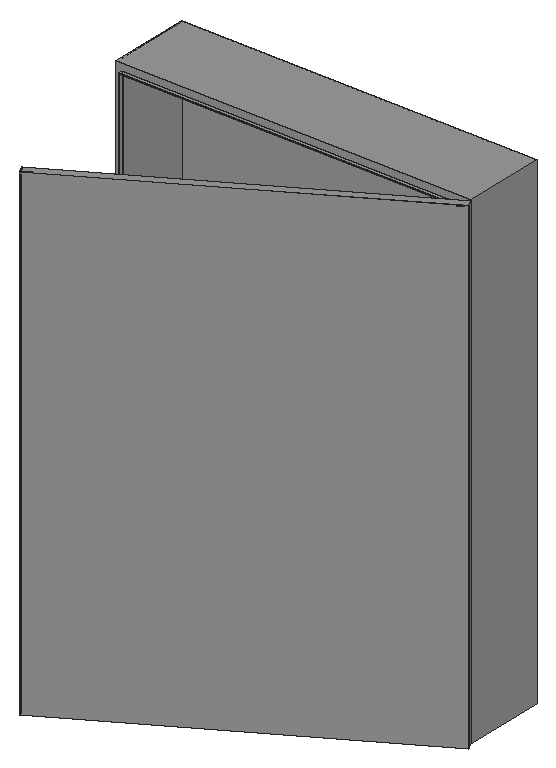
Revit family "Hager-Univers-IP44-D205-H1100-Cl.II-Encl-NoHosted-PL-en", category Equipement électrique, Revit 2020
Family settings
  Configuration du panneau = Deux colonnes, circuits au sein
  Cote de connecteur circulaire = Utiliser le diamètre
  Type d'élément = Tableau de raccordement
  Basée sur le plan de construction = Oui
  Toujours verticalement = Oui
  Couper avec des vides une fois chargée = Non
  Partagée = Non
  Point de calcul de pièce = Non
Parameters (values of type "Surface mounted (plaster) IP44 W800 H1100 D205  - FP73SN2")
  Width Control [instance] = if([EF000008 - Width] > Min Width, [EF000008 - Width], Min Width)  # 800 mm
  Commentaires du type = [HG000003 - Range]  # "Univers"
  Thickness Door [instance] = if([EF009171 - Material plate thickness door/cover] > 3 mm, 3 mm, [EF009171 - Material plate thickness door/cover])  # 1 mm
  Seal Frame Offset [instance] = 17 mm  # constant formula
  Plinth Visibility [instance] = [HG000027 - Plinth height] > 0 mm  # no
  Min Width [instance] = 100 mm  # constant formula
  Min Depth [instance] = (2 * [EF009170 - Material plate thickness cabinet]) + 1 mm  # 3 mm
  Min Height [instance] = 100 mm  # constant formula
  Internal Frame Depth [instance] = (Door System Depth * 0.5)  # 9 mm
  Panel Name [instance] = ""  # (empty or 0)
  Model = ""
  HG000027 - Plinth height = 0 mm
  HG000026 - Floor standing = no
  HG000024 - Bottom section height = 600 mm
  HG000023 - Double section enclosure = no
  HG000016 - Door 3d visibility [instance] = yes
  HG000015 - Clearance visibility [instance] = no
  HG000014 - Door on the right [instance] = yes
  HG000013 - Door on the left [instance] = not([HG000014 - Door on the right])  # no
  HG000012 - Door swing angle [instance] = 30.00°
  HG000010 - Asymmetric doors = no
  HG000009 - Double swing door = no
  HG000006 - Flush mounted = no
  HG000004 - Manufacturer reference = "FP73SN2"
  HG000003 - Range = "Univers"
  HG000002 - With door or cover = yes
  Frame Offset Bottom [instance] = 10 mm  # constant formula
  Frame Offset [instance] = 15 mm  # constant formula
  EF015940 - Cover with overpressure release = no
  EF011959 - Degree of protection (NEMA) = ""
  EF009554 - Number of openings for flange plates = 6
  EF009212 - Cover model = "EV000116 - Closed"
  EF009171 - Material plate thickness door/cover = 1 mm
  EF009170 - Material plate thickness cabinet = 1 mm
  EF008873 - Nominal current (In) = 250 A
  EF007800 - Suitable for lightning protection = no
  EF006306 - With lock = no
  EF006244 - Transparent cover/door = no
  EF005474 - Degree of protection (IP) = "EV006418 - IP44"
  EF004464 - Type of door = "EV002646 - Single"
  EF004427 - Number of modules = 252
  EF004293 - Impact strength = "EV006815 - IK09"
  EF003532 - Suitable for outdoor use = no
  EF002950 - Width in number of modular spacings = 36
  EF001613 - Circuit integrity = "EV000494 - None"
  EF001596 - Material housing = "EV000179 - Steel"
  EF001131 - Internal depth = 143 mm
  EF001088 - Extension possible = yes
  EF000437 - Number of conduit inlets = 6
  EF000339 - Type of cover = "EV001012 - Cover"
  EF000266 - Number of rows = 7
  EF000218 - Built-in depth = 205 mm
  EF000118 - With mounting plate = no
  EF000116 - RAL-number = "9010"
  EF000049 - Depth = 205 mm
  EF000040 - Height = 1100 mm
  EF000008 - Width = 800 mm
  EF000007 - Colour = "EV000202 - White"
  EF000003 - Mounting method = "EV000384 - Surface mounted (plaster)"
  Door System Leaf Tolerance [instance] = 1.5 mm  # constant formula
  Door System Depth [instance] = 18 mm  # constant formula
  Door Height [instance] = Height Control - [HG000027 - Plinth height]  # 1100 mm
  Description = ""
  Default Elevation = 1219.2 mm
  Connector Offset [instance] = Height Control / 2  # 550 mm
  Fabricant = "Hager"  # constant formula
  Height Control [instance] = if([EF000040 - Height] > Min Height, [EF000040 - Height], Min Height)  # 1100 mm
  Depth Control [instance] = if([EF000049 - Depth] > Min Depth, [EF000049 - Depth], Min Depth)  # 205 mm
  Bottom Top Plate Trim [instance] = 1.5 mm  # constant formula
  Plinth height Ctrl [instance] = if([HG000027 - Plinth height] > 0 mm, [HG000027 - Plinth height], 12 mm)  # 12 mm
Types (5, lengths in mm): name | Width Control | HG000010 - Asymmetric doors | HG000009 - Double swing door | HG000004 - Manufacturer reference | EF009554 - Number of openings for flange plates | EF004464 - Type of door | EF004427 - Number of modules | EF002950 - Width in number of modular spacings | EF000437 - Number of conduit inlets | EF000008 - Width
  Surface mounted (plaster) IP44 W1050 H1100 D205  - FP74SN2 | 1050 | no | yes | "FP74SN2" | 8 | "EV003602 - Double" | 336 | 48 | 8 | 1050
  Surface mounted (plaster) IP44 W1300 H1100 D205  - FP75SN2 | 1300 | yes | yes | "FP75SN2" | 10 | "EV003602 - Double" | 420 | 60 | 10 | 1300
  Surface mounted (plaster) IP44 W300 H1100 D205  - FP71SN2 | 300 | no | no | "FP71SN2" | 2 | "EV002646 - Single" | 84 | 12 | 2 | 300
  Surface mounted (plaster) IP44 W550 H1100 D205  - FP72SN2 | 550 | no | no | "FP72SN2" | 4 | "EV002646 - Single" | 168 | 24 | 4 | 550
  Surface mounted (plaster) IP44 W800 H1100 D205  - FP73SN2 | 800 | no | no | "FP73SN2" | 6 | "EV002646 - Single" | 252 | 36 | 6 | 800
Reference planes
  plane 1 "Center (Front/Back)": y = 0
  plane 2: z = 0
  plane 3 "Center (Left/Right)": x = 0
  plane 4: y = 0
  plane 5: y = 0
  plane 6: z = 0
  plane 7: x = -400
  plane 8: x = 400
  plane 9: x = 399
  plane 10: x = -399
  plane 11: z = 0
  plane 12: z = 1
  plane 13: y = -205
  plane 14: y = -1
  plane 15: x = 0
  plane 16: y = -187
  plane 17: y = -204
  plane 18: y = -186
  plane 19: x = -384
  plane 20: x = 384
  plane 21: z = 11
  plane 22: x = -383
  plane 23: x = 383
  plane 24: z = 0
  plane 25: z = 1100
  plane 26: z = 1100
  plane 27: z = 1084
  plane 28: z = 1099
Forms (mm)
  Extrusion 1, solid, material "Hager_Steel_RAL7035_Light_Grey", detail levels medium+fine
    sketch origin (-208.679, -4572, 0) x (-1, 0, 0) y (0, -1, 0)
      loop
        line (191.321, -4385) -> (-608.679, -4385) -> (-608.679, -4572) -> (191.321, -4572) -> (191.321, -4385)
    from 0 to 1100
  Extrusion 2, void
    sketch origin (-350.771, -205, 1219.2) x (1, 0, 0) y (0, 0, 1)
      loop
        line (-48.229, -120.2) -> (-48.229, -1218.2) -> (749.771, -1218.2) -> (749.771, -120.2) -> (-48.229, -120.2)
    from -19 to -204
  Extrusion 3, void
    sketch origin (-290.084, -187, 1219.2) x (1, 0, 0) y (0, 0, 1)
      loop
        line (-93.916, -1208.2) -> (674.084, -1208.2) -> (674.084, -135.2) -> (-93.916, -135.2) -> (-93.916, -1208.2)
    from 0 to -1
  Extrusion 4, solid, material "Hager_Steel_RAL7035_Light_Grey", visible <- "Plinth Visibility", detail levels medium+fine
    sketch origin (0, 0, 0) x (1, 0, 0) y (0, 1, 0)
      loop
        line (-400, 0) -> (-400, -187) -> (400, -187) -> (400, 0) -> (-400, 0)
    from 0 to 12 <- "Plinth height Ctrl"
  Extrusion 5, solid, material "Hager_Steel_RAL7035_Light_Grey", detail levels coarse
    sketch origin (0, 0, 0) x (1, 0, 0) y (0, 1, 0)
      loop
        line (-400, 0) -> (-400, -205) -> (400, -205) -> (400, 0) -> (-400, 0)
    from 0 to 1100 <- "Height Control"
  Sweep 6, void
    path in 3D
      loop
        line (-400, -187, 12) -> (400, -187, 12) -> (400, 0, 12) -> (-400, 0, 12) -> (-400, -187, 12)
    profile origin (-400, -93.5, 12) x (1, 0, 0) y (0, 0, 1)
      loop
        line (0, 0) -> (0, -1.5) -> (1.5, -1.5)
        arc (1.5, -1.5) -> (1.061, -0.439) -> (0, 0) r 1.5
  Extrusion 7, solid, material "Hager_Steel_RAL7035_Light_Grey", detail levels fine
    sketch origin (-400, -187, 0) x (1, 0, 0) y (0, 0, 1)
      loop
        line (16, 11) -> (784, 11) -> (784, 1084) -> (16, 1084) -> (16, 11)
      loop
        line (15, 10) -> (785, 10) -> (785, 1085) -> (15, 1085) -> (15, 10)
    from 0 to 9 <- "Internal Frame Depth"
Cuts and joins
  Extrusion 2, Extrusion 3 cuts Extrusion 1
  Sweep 6 cuts Extrusion 4
Lines and regions (mm)
  Masking region 1
    outline origin (0, 0, 0) x (1, 0, 0) y (0, 1, 0)
      loop
        line (-400, 0) -> (-400, -205) -> (400, -205) -> (400, 0) -> (-400, 0)
  Masking region 2, detail levels coarse
    outline origin (-290.084, -187, 1219.2) x (-1, 0, 0) y (0, 0, 1)
      loop
        line (-690.084, -1219.2) -> (109.916, -1219.2) -> (109.916, -119.2) -> (-690.084, -119.2) -> (-690.084, -1219.2)
  Masking region 3, detail levels coarse
    outline origin (0, 0, 0) x (0, 1, 0) y (0, 0, 1)
      loop
        line (0, 0) -> (0, 1100) -> (-205, 1100) -> (-205, 0) -> (0, 0)
  Masking region 4, visible <- "Plinth Visibility", detail levels medium+fine
    outline origin (0, 0, 0) x (0, 1, 0) y (0, 0, 1)
      loop
        line (-1.5, 12) -> (-185.5, 12)
        arc (-185.5, 12) -> (-185.939, 10.939) -> (-187, 10.5) r 1.5
        line (-187, 10.5) -> (-187, 0) -> (0, 0) -> (0, 10.5)
        arc (0, 10.5) -> (-1.061, 10.939) -> (-1.5, 12) r 1.5
  Masking region 5, detail levels medium+fine
    outline origin (0, 0, 594.038) x (0, 1, 0) y (0, 0, 1)
      loop
        line (0, -594.038) -> (0, 505.962) -> (-187, 505.962) -> (-187, -594.038) -> (0, -594.038)
  Masking region 6, detail levels medium+fine
    outline origin (-359.7, -187, 1211.883) x (-1, 0, 0) y (0, 0, 1)
      loop
        line (-759.7, -1211.883) -> (40.3, -1211.883) -> (40.3, -111.883) -> (-759.7, -111.883) -> (-759.7, -1211.883)
  Masking region 7, visible <- "Plinth Visibility", detail levels medium+fine
    outline origin (-320.334, -187, 1041.368) x (-1, 0, 0) y (0, 0, 1)
      loop
        line (-720.334, -1041.368) -> (79.666, -1041.368) -> (79.666, -1030.868)
        arc (79.666, -1030.868) -> (78.606, -1030.429) -> (78.166, -1029.368) r 1.5
        line (78.166, -1029.368) -> (-718.834, -1029.368)
        arc (-718.834, -1029.368) -> (-719.273, -1030.429) -> (-720.334, -1030.868) r 1.5
        line (-720.334, -1030.868) -> (-720.334, -1041.368)
  sketch lines
    curve 1: line (-400, 0, 12) -> (-400, -187, 12)
    curve 2: line (-400, -187, 12) -> (400, -187, 12)
    curve 3: line (400, 0, 12) -> (-400, 0, 12)
    curve 4: line (400, -187, 12) -> (400, 0, 12)
Dimensions and locks
  locked: plane 1 "Center (Front/Back)" to plane 5
  "EF009170 - Material plate thickness cabinet": plane 7 to plane 10
  "EF009170 - Material plate thickness cabinet": plane 8 to plane 9
  equal spacing: plane 7, plane 3 "Center (Left/Right)", plane 8
  "Width Control": plane 7 to plane 8
  "Depth Control": plane 4 to plane 13
  "EF009170 - Material plate thickness cabinet": plane 4 to plane 14
  "Height Control": plane 25 to level
  "HG000027 - Plinth height": plane 11 to level
  "EF009170 - Material plate thickness cabinet": plane 12 to plane 11
  "EF009170 - Material plate thickness cabinet": plane 17 to plane 13
  "EF009170 - Material plate thickness cabinet": plane 18 to plane 16
  "Frame Offset Bottom": plane 21 to plane 12
  "Frame Offset": plane 10 to plane 19
  "Frame Offset": plane 9 to plane 20
  "Door System Depth": plane 16 to plane 13
  "Seal Frame Offset": plane 7 to plane 22
  "Seal Frame Offset": plane 8 to plane 23
  "EF009170 - Material plate thickness cabinet": plane 26 to plane 28
  "Frame Offset": plane 28 to plane 27
  "Connector Offset": plane 2 to connector elem
  "Bottom Top Plate Trim": profile plane to Sweep 6 sketch curve
  "Bottom Top Plate Trim": Sweep 6 sketch curve to Sweep 6 sketch curve
  "Plinth height Ctrl": Masking region 4 sketch curve to level
  "Plinth height Ctrl": Masking region 7 sketch curve to level
  "Thickness Door": Extrusion 7 sketch curve to Extrusion 7 sketch curve  (x4)
  "Bottom Top Plate Trim": radius of Sweep 6 sketch curve
  "Bottom Top Plate Trim": radius of Masking region 4 sketch curve  (x2)
  "Bottom Top Plate Trim": radius of Masking region 7 sketch curve  (x2)
  aligned and locked: Extrusion 2 sketch curve to plane 12
  aligned and locked: Extrusion 2 sketch curve to plane 9
  aligned and locked: Extrusion 2 sketch curve to plane 10
  aligned and locked: Extrusion 2 to plane 14
  aligned and locked: Extrusion 1 sketch curve to plane 4
  aligned and locked: plane 8 to Extrusion 1 sketch curve
  aligned and locked: plane 7 to Extrusion 1 sketch curve
  aligned and locked: Extrusion 2 to plane 18
  aligned and locked: Extrusion 3 sketch curve to plane 19
  aligned and locked: plane 20 to Extrusion 3 sketch curve
  aligned and locked: Extrusion 3 to Extrusion 2
  aligned and locked: Extrusion 3 sketch curve to plane 21
  aligned and locked: plane 3 "Center (Left/Right)" to nested 1
  aligned and locked: Extrusion 1 sketch curve to plane 16
  aligned and locked: Extrusion 4 sketch curve to cut or joined group of Extrusion 1, Extrusion 2, Extrusion 3
  aligned and locked: Masking region 1 sketch curve to plane 7
  aligned and locked: Masking region 1 sketch curve to plane 5
  aligned and locked: Masking region 1 sketch curve to plane 8
  aligned and locked: Masking region 2 sketch curve to level
  aligned and locked: level to Masking region 3 sketch curve
  aligned and locked: plane 1 "Center (Front/Back)" to Masking region 3 sketch curve
  aligned and locked: plane 13 to Masking region 3 sketch curve
  aligned and locked: plane 5 to Masking region 4 sketch curve
  aligned and locked: Masking region 2 sketch curve to plane 8
  aligned and locked: Masking region 2 sketch curve to plane 7
  aligned and locked: plane 7 to nested 2
  aligned and locked: nested 2 to plane 5
  aligned and locked: plane 5 to Masking region 5 sketch curve
  aligned and locked: plane 26 to Masking region 5 sketch curve
  aligned and locked: Extrusion 5 sketch curve to plane 8
  aligned and locked: Extrusion 5 sketch curve to plane 7
  aligned and locked: Extrusion 5 sketch curve to plane 5
  aligned and locked: Extrusion 3 sketch curve to plane 27
  aligned and locked: Extrusion 2 sketch curve to plane 28
  aligned and locked: Masking region 2 to plane 25
  aligned and locked: Extrusion 4 to plane 16
  aligned and locked: profile plane to Sweep 6 sketch curve
  aligned and locked: Masking region 5 sketch curve to plane 24
  aligned and locked: level to Masking region 4 sketch curve
  aligned and locked: Masking region 1 to plane 13
  aligned and locked: nested 1 to plane 16
  aligned and locked: Masking region 3 to plane 25
  aligned and locked: plane 16 to Masking region 4 sketch curve
  aligned and locked: Masking region 5 sketch curve to plane 16
  aligned and locked: plane 24 to plane 11
  aligned and locked: plane 26 to plane 25
  aligned and locked: plane 26 to cut or joined group of Extrusion 1, Extrusion 2, Extrusion 3
  aligned and locked: nested 1 to plane 24
  aligned and locked: Extrusion 1 to Extrusion 3
  aligned and locked: Masking region 6 sketch curve to plane 8
  aligned and locked: Masking region 6 sketch curve to plane 24
  aligned and locked: Masking region 6 sketch curve to plane 7
  aligned and locked: Masking region 6 sketch curve to plane 26
  aligned and locked: Masking region 7 sketch curve to plane 7
  aligned and locked: level to Masking region 7 sketch curve
  aligned and locked: Masking region 7 sketch curve to plane 8
  aligned and locked: Extrusion 7 sketch curve to cut or joined group of Extrusion 1, Extrusion 2, Extrusion 3  (x4)
Automatic sketch dimensions
  plane 19 to Extrusion 3 sketch curve = 0 mm
  Extrusion 3 sketch curve to plane 20 = 0 mm
  Extrusion 3 sketch curve to plane 21 = 0 mm
  Extrusion 4 sketch curve to plane 7 = 0 mm
  Extrusion 4 sketch curve to plane 8 = 0 mm
  Extrusion 4 sketch curve to plane 16 = 0 mm
  Masking region 1 sketch curve to plane 13 = 0 mm
  Masking region 2 sketch curve to plane 25 = 0 mm
  Masking region 3 sketch curve to plane 25 = 0 mm
  Extrusion 5 sketch curve to plane 13 = 0 mm
  profile plane to Sweep 6 sketch curve = 0 mm
Nested families
  nested 1: "EC000058_Univers_Door" at (0, -187, 0), Double <- "HG000009 - Double swing door", Transparent <- "EF006244 - Transparent cover/door", Angle <- "HG000012 - Door swing angle", Door_Right <- "HG000014 - Door on the right", Assymetrical <- "HG000010 - Asymmetric doors", Door <- "HG000002 - With door or cover", Width_Ctrl <- "Width Control", 3d_Door <- "HG000016 - Door 3d visibility", Clearance <- "HG000015 - Clearance visibility", Door_Left <- "HG000013 - Door on the left", Width <- "Width Control", Door_Depth <- "Door System Depth", Leaf_Tolerance <- "Door System Leaf Tolerance", Height <- "Door Height", Lock_Visibility <- "EF006306 - With lock", Thickness <- "Thickness Door", type "EC000058_Univers_Door", detail levels medium+fine
    with min_wh 3 mm, Width_Ctrl 800 mm, Width 800 mm, Transparent no, Thickness 1 mm, Seal_Material Hager_Rubber, Lock_Visibility no, Lock_Material Hager_Plastic_RAL9005_Jet_Black, Leaf_Width 800 mm, Leaf_Tolerance_External_Sides 0 mm, Leaf_Tolerance 1.5 mm, Leaf_Offset 0 mm, Leaf_Height 1097 mm, Leaf_2_Width 800 mm, Leaf_2_Offset 400 mm, Leaf_1_Width 800 mm, Leaf_1_Offset 400 mm, Height_Ctrl 1100 mm, Height 1100 mm, Glass_Material Hager_Glass, Double_Clearance_Ctrl no, Double no, Door_Right_Ctrl yes, Door_Right yes, Door_Material Hager_Steel_RAL7035_Light_Grey, Door_Left_Ctrl no, Door_Left no, Door_Depth 18 mm, Door yes, Clearance_Material Hager_Clearance, Clearance_Depth 800 mm, Clearance_Ctrl no, Clearance no, Assymetrical no, Angle 30.00°, 3d_Door yes
  nested 2: "Hager_Enclosure_Symbol" at (-400, 0, 0), Height <- "Depth Control", Width <- "Width Control", type "Hager_Enclosure_Symbol"
    with Width_Ctrl 800 mm, Width 800 mm, Height_Ctrl 205 mm, Height 205 mm, A_Width_Int 13.453 mm, A_Width 161.438 mm, A_Height_Ctrl 179.375 mm, A_Height 179.375 mm
Connectors
  electrical at (0, 0, 550)
    settings: on plane 1 "Center (Front/Back)", index 1, voltage 0 V, apparent load 0 VA, apparent load phase1 0 VA, apparent load phase2 0 VA, apparent load phase3 0 VA, power factor 1, load classification "Other", number of poles 1, system type 30, power factor state 1, is connector primary yes, connector utility no, sub classification motor no, connector description ""
Definition of nested family "EC000058_Univers_Door"
  Parameters (values of type "EC000058_Univers_Door")
    min_wh [instance] = (2 * Thickness) + 1 mm  # 11 mm
    Width_Ctrl [instance] = 400 mm
    Width [instance] = 500 mm
    Transparent [instance] = yes
    Thickness [instance] = 5 mm
    Seal_Material [instance] = none
    Lock_Visibility [instance] = yes
    Lock_Material [instance] = none
    Leaf_Width [instance] = if((Width_Ctrl - 2 * Leaf_Tolerance_External_Sides) > 0 mm, (Width_Ctrl - 2 * Leaf_Tolerance_External_Sides), min_wh)  # 400 mm
    Leaf_Tolerance_External_Sides [instance] = 0 mm  # constant formula
    Leaf_Tolerance [instance] = 1.5 mm
    Leaf_Offset [instance] = 0 mm  # constant formula
    Leaf_Height [instance] = if((Height_Ctrl - 2 * Leaf_Tolerance) > 0 mm, (Height_Ctrl - 2 * Leaf_Tolerance), min_wh)  # 497 mm
    Leaf_2_Width [instance] = if(and(and(Double, Assymetrical), Door_Left), (Leaf_Width / 3) - (Leaf_Tolerance / 2), if(and(and(Double, Assymetrical), Door_Right), (Leaf_Width / 3) * 2 - (Leaf_Tolerance / 2), if(and(Double, not(Assymetrical)), (Leaf_Width / 2) - Leaf_Tolerance, Leaf_Width)))  # 400 mm
    Leaf_2_Offset [instance] = if(and(Double, Assymetrical), Leaf_2_Width / 2, if(and(Double, not(Assymetrical)), Leaf_Width / 4, Leaf_Width / 2))  # 200 mm
    Leaf_1_Width [instance] = if(and(and(Double, Assymetrical), Door_Right), (Leaf_Width / 3) - (Leaf_Tolerance / 2), if(and(and(Double, Assymetrical), Door_Left), (Width / 3) * 2 - (Leaf_Tolerance / 2), if(and(Double, not(Assymetrical)), (Leaf_Width / 2) - Leaf_Tolerance, Leaf_Width)))  # 400 mm
    Leaf_1_Offset [instance] = if(and(Double, Assymetrical), Leaf_1_Width / 2, if(and(Double, not(Assymetrical)), Leaf_Width / 4, Leaf_Width / 2))  # 200 mm
    Height_Ctrl [instance] = if(Height > min_wh, Height, min_wh)  # 500 mm
    Height [instance] = 500 mm
    Glass_Material [instance] = none
    Double_Clearance_Ctrl [instance] = and(Double, Clearance)  # no
    Double [instance] = no
    Door_Right_Ctrl [instance] = and(or(Door_Right, Double), Door)  # yes
    Door_Right [instance] = yes
    Door_Material [instance] = none
    Door_Left_Ctrl [instance] = and(or(Door_Left, Double), Door)  # no
    Door_Left [instance] = no
    Door_Depth [instance] = 30 mm
    Door [instance] = yes
    Default Elevation = 1219.2 mm
    Clearance_Material [instance] = none
    Clearance_Depth [instance] = if(Leaf_1_Width > Leaf_2_Width, Leaf_1_Width, Leaf_2_Width)  # 400 mm
    Clearance_Ctrl [instance] = and(not(Double), Clearance)  # yes
    Clearance [instance] = yes
    Assymetrical [instance] = yes
    Angle [instance] = 30.00°
    3d_Door [instance] = yes
  Reference planes
    plane 1 "Center (Front/Back)": y = 0
    plane 2 "Bottom": z = 0
    plane 3 "Center (Left/Right)": x = 0
    plane 4: z = 500
    plane 5: x = -200
    plane 6: x = 200
    plane 7: z = 500
    plane 8: x = -200
    plane 9: z = 0
    plane 10: x = 200
    plane 11: y = 0
    plane 12: z = 1.5
    plane 13: x = -600
    plane 14: y = -400
    plane 15: x = 600
    plane 16: x = 0
    plane 17: x = 0
    plane 18: x = -200
    plane 19: x = 200
    plane 20: z = 498.5
  Forms (mm)
    Extrusion 1, solid, material <- "Clearance_Material", visible <- "Double_Clearance_Ctrl"
      sketch origin (1200, 0, 0) x (1, 0, 0) y (0, 0, -1)
        loop
          line (-1800, -498.5) -> (-600, -498.5) -> (-600, 0) -> (-1800, 0) -> (-1800, -498.5)
      from 0 to -400
  Dimensions and locks
    equal spacing: plane 5, plane 3 "Center (Left/Right)", plane 6
    "Width_Ctrl": plane 5 to plane 6
    "Leaf_Offset": plane 5 to plane 8
    "Leaf_Offset": plane 6 to plane 10
    "Leaf_Offset": plane 9 to level
    "Leaf_Offset": plane 4 to plane 7
    "Height_Ctrl": plane 4 to level
    "Leaf_Tolerance": plane 12 to plane 9
    locked: plane 11 to plane 1 "Center (Front/Back)"
    "Leaf_1_Offset": plane 18 to plane 16
    "Leaf_2_Offset": plane 17 to plane 19
    "Leaf_1_Width": plane 13 to plane 8
    "Leaf_2_Width": plane 10 to plane 15
    "Clearance_Depth": plane 14 to plane 1 "Center (Front/Back)"
    "Leaf_Tolerance_External_Sides": plane 8 to plane 18
    "Leaf_Tolerance_External_Sides": plane 19 to plane 10
    "Leaf_Tolerance": plane 7 to plane 20
    aligned and locked: level to plane 2 "Bottom"
    aligned and locked: nested 1 to plane 16
    aligned and locked: nested 2 to plane 17
    aligned and locked: Extrusion 1 to plane 13
    aligned and locked: plane 15 to Extrusion 1
    aligned and locked: Extrusion 1 to plane 14
    aligned and locked: plane 12 to nested 1
    aligned and locked: nested 2 to plane 12
    aligned and locked: Extrusion 1 to plane 11
    aligned and locked: plane 20 to Extrusion 1
    aligned and locked: nested 2 to plane 11
    aligned and locked: nested 1 to plane 11
  Automatic sketch dimensions
    Extrusion 1 sketch curve to level = 0 mm
    plane 5 to Extrusion 1 sketch curve = 400 mm
    plane 6 to Extrusion 1 sketch curve = 400 mm
    Extrusion 1 sketch curve to plane 4 = 1.5 mm
  Nested families
    nested 1: "EC000058_Univers_Door_Leaf" at (0, 0, 1.5), Width <- "Leaf_1_Width", visible <- "Door_Left_Ctrl", Leaf_Height <- "Leaf_Height", Angle <- "Angle", 3d_Door <- "3d_Door", Transparent <- "Transparent", Clearance Material <- "Clearance_Material", Clearance <- "Clearance_Ctrl", Door_Material <- "Door_Material", Glass_Material <- "Glass_Material", Door_Depth <- "Door_Depth", Lock_Material <- "Lock_Material", Seal_Material <- "Seal_Material", Lock_Visibility <- "Lock_Visibility", Thickness <- "Thickness", type "EC000058_Univers_Door_Leaf"
      with Width 400 mm, Transparent_Glass_Offset 30 mm, Transparent_Ctrl yes, Transparent yes, Thickness 5 mm, Standard no, Seal_Material none, Seal_D2 8 mm, Seal_D1 1 mm, Offset_Internal_Frame 10 mm, Lock_Width 20 mm, Lock_Visibility_3d yes, Lock_Visibility yes, Lock_Thickness_3 3 mm, Lock_Thickness_2 1 mm, Lock_Thickness_1 3 mm, Lock_Radius_Offset_2 16 mm, Lock_Radius_Offset_1 15 mm, Lock_Radius_2 5 mm, Lock_Radius 6 mm, Lock_Offset 5 mm, Lock_Material none, Lock_Height 80 mm, Lock_Cover_Top_Offset_2d 17 mm, Lock_Cover_Height -65 mm, Leaf_Height 497 mm, Internal_Seal_Thickness 8 mm, Internal_Seal_Depth_2 4.5 mm, Internal_Frame_Depth 25 mm, Glass_Thickness -1 mm, Glass_Offset -2 mm, Glass_Material none, Door_Material none, Door_Depth 30 mm, Clearance Material none, Clearance yes, Angle_Ctrl 30.00°, Angle 30.00°, 3d_Door yes
    nested 2: "EC000058_Univers_Door_Leaf" at (0, 0, 1.5) x (-1, 0, 0) z (0, 0, 1), Width <- "Leaf_2_Width", visible <- "Door_Right_Ctrl", Leaf_Height <- "Leaf_Height", Angle <- "Angle", 3d_Door <- "3d_Door", Transparent <- "Transparent", Clearance Material <- "Clearance_Material", Clearance <- "Clearance_Ctrl", Door_Material <- "Door_Material", Glass_Material <- "Glass_Material", Door_Depth <- "Door_Depth", Lock_Material <- "Lock_Material", Seal_Material <- "Seal_Material", Lock_Visibility <- "Lock_Visibility", Thickness <- "Thickness", type "EC000058_Univers_Door_Leaf"
      with Width 400 mm, Transparent_Glass_Offset 30 mm, Transparent_Ctrl yes, Transparent yes, Thickness 5 mm, Standard no, Seal_Material none, Seal_D2 8 mm, Seal_D1 1 mm, Offset_Internal_Frame 10 mm, Lock_Width 20 mm, Lock_Visibility_3d yes, Lock_Visibility yes, Lock_Thickness_3 3 mm, Lock_Thickness_2 1 mm, Lock_Thickness_1 3 mm, Lock_Radius_Offset_2 16 mm, Lock_Radius_Offset_1 15 mm, Lock_Radius_2 5 mm, Lock_Radius 6 mm, Lock_Offset 5 mm, Lock_Material none, Lock_Height 80 mm, Lock_Cover_Top_Offset_2d 17 mm, Lock_Cover_Height -65 mm, Leaf_Height 497 mm, Internal_Seal_Thickness 8 mm, Internal_Seal_Depth_2 4.5 mm, Internal_Frame_Depth 25 mm, Glass_Thickness -1 mm, Glass_Offset -2 mm, Glass_Material none, Door_Material none, Door_Depth 30 mm, Clearance Material none, Clearance yes, Angle_Ctrl 30.00°, Angle 30.00°, 3d_Door yes
  Definition of nested family "EC000058_Univers_Door_Leaf"
    Parameters (values of type "EC000058_Univers_Door_Leaf")
      Width [instance] = 2000 mm
      Transparent_Glass_Offset [instance] = 30 mm
      Transparent_Ctrl [instance] = and(Transparent, [3d_Door])  # yes
      Transparent [instance] = yes
      Thickness [instance] = 5 mm
      Standard [instance] = and(not(Transparent), [3d_Door])  # no
      Seal_Material [instance] = none
      Seal_D2 [instance] = 8 mm  # constant formula
      Seal_D1 [instance] = 1 mm  # constant formula
      Offset_Internal_Frame [instance] = 10 mm  # constant formula
      Lock_Width [instance] = 20 mm  # constant formula
      Lock_Visibility_3d [instance] = and(Lock_Visibility, [3d_Door])  # yes
      Lock_Visibility [instance] = yes
      Lock_Thickness_3 [instance] = 3 mm  # constant formula
      Lock_Thickness_2 [instance] = 1 mm  # constant formula
      Lock_Thickness_1 [instance] = 3 mm  # constant formula
      Lock_Radius_Offset_2 [instance] = Lock_Radius_Offset_1 + 1 mm  # 16 mm
      Lock_Radius_Offset_1 [instance] = 15 mm  # constant formula
      Lock_Radius_2 [instance] = Lock_Radius - 1 mm  # 5 mm
      Lock_Radius [instance] = 6 mm  # constant formula
      Lock_Offset [instance] = 5 mm  # constant formula
      Lock_Material [instance] = none
      Lock_Height [instance] = 80 mm  # constant formula
      Lock_Cover_Top_Offset_2d [instance] = Lock_Radius_Offset_2 + 1 mm  # 17 mm
      Lock_Cover_Height [instance] = -(Lock_Height - Lock_Radius_Offset_1)  # -65 mm
      Leaf_Height [instance] = 2720.336 mm
      Internal_Seal_Thickness [instance] = 8 mm  # constant formula
      Internal_Seal_Depth_2 [instance] = 4.5 mm  # constant formula
      Internal_Frame_Depth [instance] = if(Door_Depth - Thickness > 5 mm, Door_Depth - Thickness, 5 mm)  # 25 mm
      Glass_Thickness [instance] = if(Thickness > 15 mm, Glass_Offset + 10 mm, -1 mm)  # -1 mm
      Glass_Offset [instance] = if(Thickness > 15 mm, -(Thickness + 10 mm) / 2, -2 mm)  # -2 mm
      Glass_Material [instance] = none
      Door_Material [instance] = none
      Door_Depth [instance] = 30 mm
      Default Elevation = 0 mm
      Clearance Material [instance] = none
      Clearance [instance] = yes
      Angle_Ctrl [instance] = if(Angle > 180.00°, 180.00°, Angle)  # 90.00°
      Angle [instance] = 90.00°
      3d_Door [instance] = yes
    Reference planes
      plane 1 "Center (Front/Back)": y = 0
      plane 2: z = 0
      plane 3 "Center (Left/Right)": x = 0
      plane 4: y = 2000
      plane 5: x = -1000
      plane 6: x = 1000
      plane 7: x = -3000
      plane 8: z = 2720.336
      plane 9: z = 30
      plane 10: z = 2690.336
      plane 11: x = 970
      plane 12: x = -970
      plane 13: y = -3
      plane 14: z = 107.833
      plane 15: y = -5
      plane 16: y = -223.314
      plane 17: x = -1000
      plane 18: z = 1360.168
      plane 19: y = 30
    Forms (mm)
      Extrusion 1, solid, material <- "Clearance Material", visible <- "Clearance"
        sketch origin (0, 0, 0) x (1, 0, 0) y (0, 0, 1)
          loop
            line (-3000, 2720.336) -> (-3000, 0) -> (1000, 0) -> (1000, 2720.336) -> (-3000, 2720.336)
        from 0 to -2000
      Extrusion 2, solid, material <- "Door_Material", visible <- "Standard", detail levels medium+fine
        sketch origin (-1000, 0, 0) x (0, 1, 0) y (-1, 0, 0)
          loop
            line (0, 30) -> (0, 25) -> (2000, 25) -> (2000, 30) -> (0, 30)
        from 0 to 2720.336 <- "Leaf_Height"
      Extrusion 3, solid, material <- "Door_Material", visible <- "Transparent_Ctrl", detail levels medium+fine
        sketch origin (-1000, 0, 0) x (0, 1, 0) y (-1, 0, 0)
          loop
            line (0, 25) -> (2000, 25) -> (2000, 30) -> (0, 30) -> (0, 25)
        from 0 to 2720.336 <- "Leaf_Height"
      Extrusion 4, void
        sketch origin (-1025, 2000, 0) x (0, 1, 0) y (0, 0, -1)
          loop
            line (-30, -2690.336) -> (-30, -30) -> (-1970, -30) -> (-1970, -2690.336) -> (-30, -2690.336)
        from 0 to 5 <- "Thickness"
      Sweep 5, solid, material <- "Seal_Material", visible <- "Transparent_Ctrl", detail levels fine
        path in 3D
          loop
            line (-1025, 30, 30) -> (-1025, 30, 2690.336) -> (-1025, 1970, 2690.336) -> (-1025, 1970, 30) -> (-1025, 30, 30)
        profile origin (-1025, 1000, 30) x (1, 0, 0) y (0, 0, 1)
          loop
            line (0, 0) -> (0, -8) -> (1, -8) -> (1, 0) -> (0, 0)
      Extrusion 6, solid, material <- "Glass_Material", visible <- "Transparent_Ctrl", detail levels medium+fine
        sketch origin (-1030, 0, 0) x (0, 1, 0) y (0, 0, -1)
          loop
            line (1970, -2690.336) -> (1970, -30) -> (30, -30) -> (30, -2690.336) -> (1970, -2690.336)
        from -2 <- "Glass_Offset" to -1 <- "Glass_Thickness"
      Extrusion 7, solid, material <- "Door_Material", visible <- "3d_Door", detail levels medium+fine
        sketch origin (-1025, 2000, 0) x (0, -1, 0) y (0, 0, -1)
          loop
            line (0, -2720.336) -> (2000, -2720.336) -> (2000, 0) -> (0, 0) -> (0, -2720.336)
          loop
            line (1995, -5) -> (5, -5) -> (5, -2715.336) -> (1995, -2715.336) -> (1995, -5)
        from 0 to 25 <- "Internal_Frame_Depth"
      Sweep 8, solid, material <- "Seal_Material", visible <- "Transparent_Ctrl", detail levels fine
        path in 3D
          loop
            line (-1025, 0, 0) -> (-1025, 2000, 0) -> (-1025, 2000, 2720.336) -> (-1025, 0, 2720.336) -> (-1025, 0, 0)
        profile origin (-1025, 0, 1360.168) x (1, 0, 0) y (0, 1, 0)
          loop
            line (0, 10) -> (2.975, 10)
            arc (2.975, 10) -> (4.053, 10.447) -> (4.5, 11.525) r 1.525
            line (4.5, 11.525) -> (4.5, 16.527)
            arc (4.5, 16.527) -> (4.069, 17.569) -> (3.027, 18) r 1.473
            line (3.027, 18) -> (0, 18) -> (0, 10)
      Extrusion 9, solid, material <- "Lock_Material", visible <- "Lock_Visibility_3d", detail levels fine
        sketch origin (-1030, 0, 0) x (0, 1, 0) y (0, 0, -1)
          loop
            arc (1993.5, -1400.168) -> (1994.561, -1399.729) -> (1995, -1398.668) r 1.5
            line (1995, -1398.668) -> (1995, -1320.168) -> (1975, -1320.168) -> (1975, -1398.668)
            arc (1975, -1398.668) -> (1975.439, -1399.729) -> (1976.5, -1400.168) r 1.5
            line (1976.5, -1400.168) -> (1993.5, -1400.168)
        from 3 <- "Lock_Thickness_1" to 0
      Blend 10, solid, material <- "Lock_Material", visible <- "Lock_Visibility_3d", detail levels fine
        base sketch origin (-1033, 0, 0) x (0, 1, 0) y (0, 0, -1)
          loop
            line (1975, -1320.168) -> (1975, -1398.668)
            arc (1975, -1398.668) -> (1975.439, -1399.729) -> (1976.5, -1400.168) r 1.5
            line (1976.5, -1400.168) -> (1993.5, -1400.168)
            arc (1993.5, -1400.168) -> (1994.561, -1399.729) -> (1995, -1398.668) r 1.5
            line (1995, -1398.668) -> (1995, -1320.168) -> (1975, -1320.168)
        top sketch origin (-1033, 0, 0) x (0, 1, 0) y (0, 0, -1)
          loop
            line (1976, -1320.168) -> (1976, -1398.668)
            arc (1976, -1398.668) -> (1976.146, -1399.022) -> (1976.5, -1399.168) r 0.5
            line (1976.5, -1399.168) -> (1993.5, -1399.168)
            arc (1993.5, -1399.168) -> (1993.854, -1399.022) -> (1994, -1398.668) r 0.5
            line (1994, -1398.668) -> (1994, -1320.168) -> (1976, -1320.168)
        from 0 to 1 <- "Lock_Thickness_2"
      Blend 11, solid, material <- "Lock_Material", visible <- "Lock_Visibility_3d", detail levels fine
        base sketch origin (-1034, 0, 0) x (0, 1, 0) y (0, 0, -1)
          loop
            line (1978, -1320.168) -> (1978, -1384.168)
            arc (1978, -1384.168) -> (1985, -1391.168) -> (1992, -1384.168) r 7
            line (1992, -1384.168) -> (1992, -1320.168) -> (1978, -1320.168)
        top sketch origin (-1034, 0, 0) x (0, 1, 0) y (0, 0, -1)
          loop
            line (1991, -1320.168) -> (1979, -1320.168) -> (1979, -1383.168)
            arc (1979, -1383.168) -> (1985, -1389.168) -> (1991, -1383.168) r 6
            line (1991, -1383.168) -> (1991, -1320.168)
        from 0 to 3 <- "Lock_Thickness_3"
      Extrusion 12, solid, material <- "Lock_Material", visible <- "Lock_Visibility_3d", detail levels fine
        sketch origin (-1030, 1975, 1320.168) x (1, 0, 0) y (0, -1, 0)
          loop
            line (-7, -19) -> (-7, -1) -> (0, -1) -> (0, 0) -> (-8, 0) -> (-8, -20) -> (0, -20) -> (0, -19) -> (-7, -19)
        from 0 to -65 <- "Lock_Cover_Height"
      Extrusion 13, void
        sketch origin (-1038, 1995, 1320.168) x (-1, 0, 0) y (0, 0, -1)
          loop
            line (-5, -65) -> (0, -65) -> (-5, -60) -> (-5, -65)
        from 0 to 20 <- "Lock_Width"
      Extrusion 14, void
        sketch origin (-1038, 1975, 1320.168) x (0, -1, 0) y (0, 0, -1)
          loop
            circle (-10, -15.995) r 6
          loop
            circle (-10, -15.995) r 5
        from 0 to 2
      Extrusion 15, solid, material <- "Lock_Material", visible <- "Lock_Visibility_3d", detail levels medium
        sketch origin (-1030, 0, 0) x (0, 1, 0) y (0, 0, -1)
          loop
            arc (1993.5, -1400.168) -> (1994.561, -1399.729) -> (1995, -1398.668) r 1.5
            line (1995, -1398.668) -> (1995, -1320.168) -> (1975, -1320.168) -> (1975, -1398.668)
            arc (1975, -1398.668) -> (1975.439, -1399.729) -> (1976.5, -1400.168) r 1.5
            line (1976.5, -1400.168) -> (1993.5, -1400.168)
        from 8 to 0
    Cuts and joins
      Extrusion 4 cuts Extrusion 3
      Extrusion 13, Extrusion 14 cuts Extrusion 9
      Extrusion 14 cuts Blend 11
      Extrusion 13, Extrusion 14 cuts Extrusion 12
      joined: Extrusion 9, Blend 10, Blend 11, Extrusion 12
      Extrusion 14 cuts Extrusion 15
    Lines and regions (mm)
      Masking region 1, visible <- "Lock_Visibility", detail levels fine
        outline origin (0, 0, 0) x (0, 1, 0) y (0, 0, 1)
          loop
            line (30, 1320.168) -> (33, 1320.168) -> (33, 1400.168) -> (30, 1400.168) -> (30, 1320.168)
      Masking region 2, visible <- "Lock_Visibility", detail levels fine
        outline origin (0, 3.143, 0) x (0, 1, 0) y (0, 0, 1)
          loop
            line (29.857, 1354.168) -> (30.857, 1354.168) -> (30.857, 1366.168) -> (29.857, 1366.168) -> (29.857, 1354.168)
      Masking region 3, detail levels medium+fine
        outline origin (0, 0, 0) x (0, 1, 0) y (0, 0, 1)
          loop
            line (0, 0) -> (30, 0) -> (30, 2720.336) -> (0, 2720.336) -> (0, 0)
      Masking region 4, detail levels medium+fine
        outline origin (0, 0, 0) x (1, 0, 0) y (0, 0, 1)
          loop
            line (-1000, 2720.336) -> (-1000, 0) -> (1000, 0) -> (1000, 2720.336) -> (-1000, 2720.336)
      Masking region 5, visible <- "Lock_Visibility", detail levels fine
        outline origin (-47.116, 0, 0) x (1, 0, 0) y (0, 0, 1)
          loop
            arc (1024.616, 1399.168) -> (1023.556, 1398.729) -> (1023.116, 1397.668) r 1.5
            line (1023.116, 1397.668) -> (1023.116, 1320.168) -> (1041.116, 1320.168) -> (1041.116, 1397.668)
            arc (1041.116, 1397.668) -> (1040.677, 1398.729) -> (1039.616, 1399.168) r 1.5
            line (1039.616, 1399.168) -> (1024.616, 1399.168)
      Masking region 6, visible <- "Lock_Visibility", detail levels medium+fine
        outline origin (-25, 0, 0) x (1, 0, 0) y (0, 0, 1)
          loop
            arc (1001.5, 1400.168) -> (1000.439, 1399.729) -> (1000, 1398.668) r 1.5
            line (1000, 1398.668) -> (1000, 1320.168) -> (1020, 1320.168) -> (1020, 1398.668)
            arc (1020, 1398.668) -> (1019.561, 1399.729) -> (1018.5, 1400.168) r 1.5
            line (1018.5, 1400.168) -> (1001.5, 1400.168)
      Masking region 7, visible <- "Lock_Visibility", detail levels fine
        outline origin (-73.735, 0, 0) x (1, 0, 0) y (0, 0, 1)
          loop
            line (1051.735, 1382.168) -> (1065.735, 1382.168) -> (1065.735, 1384.168)
            arc (1065.735, 1384.168) -> (1058.735, 1391.168) -> (1051.735, 1384.168) r 7
            line (1051.735, 1384.168) -> (1051.735, 1382.168)
      Masking region 8, visible <- "Lock_Visibility", detail levels fine
        outline origin (-73.735, 0, 0) x (1, 0, 0) y (0, 0, 1)
          loop
            line (1052.735, 1382.168) -> (1064.735, 1382.168) -> (1064.735, 1383.168)
            arc (1064.735, 1383.168) -> (1058.735, 1389.168) -> (1052.735, 1383.168) r 6
            line (1052.735, 1383.168) -> (1052.735, 1382.168)
      Masking region 9, visible <- "Lock_Visibility", detail levels fine
        outline origin (-25, 0, 0) x (1, 0, 0) y (0, 0, 1)
          loop
            line (1020, 1320.168) -> (1020, 1382.168) -> (1000, 1382.168) -> (1000, 1320.168) -> (1020, 1320.168)
      Masking region 10, detail levels medium+fine
        outline origin (0, 0, 0) x (1, 0, 0) y (0, 0, 1)
          loop
            circle (985, 1335.144) r 6
      Masking region 11, detail levels fine
        outline origin (0, 0, 0) x (1, 0, 0) y (0, 0, 1)
          loop
            circle (985, 1335.144) r 5
      Masking region 12, visible <- "Lock_Visibility", detail levels fine
        outline origin (0, 12.767, 0) x (0, 1, 0) y (0, 0, 1)
          loop
            line (20.233, 1320.168) -> (21.233, 1320.168) -> (21.233, 1399.168) -> (20.233, 1400.168) -> (20.233, 1320.168)
      Masking region 13, visible <- "Lock_Visibility", detail levels fine
        outline origin (0, 13.767, -10) x (0, 1, 0) y (0, 0, 1)
          loop
            line (20.233, 1330.168) -> (23.233, 1330.168) -> (23.233, 1399.168) -> (20.233, 1402.168) -> (20.233, 1330.168)
      Masking region 14, visible <- "Lock_Visibility", detail levels fine
        outline origin (0, 12.767, -10) x (0, 1, 0) y (0, 0, 1)
          loop
            line (20.233, 1330.168) -> (25.233, 1330.168) -> (25.233, 1399.305) -> (20.233, 1394.305) -> (20.233, 1330.168)
      Masking region 15, visible <- "Lock_Visibility", detail levels medium
        outline origin (0, 0, 0) x (0, 1, 0) y (0, 0, 1)
          loop
            line (30, 1320.168) -> (38, 1320.168) -> (38, 1400.168) -> (30, 1400.168) -> (30, 1320.168)
      Masking region 16, visible <- "Lock_Visibility", detail levels fine
        outline origin (-1000, 0, 0) x (0, 1, 0) y (-1, 0, 0)
          loop
            line (1975, 30) -> (1995, 30) -> (1995, 38) -> (1975, 38) -> (1975, 30)
          loop
            line (1979, 37) -> (1976, 37) -> (1976, 34) -> (1978, 34) -> (1979, 37)
          loop
            line (1994, 37) -> (1991, 37) -> (1992, 34) -> (1994, 34) -> (1994, 37)
      Masking region 17, visible <- "Lock_Visibility", detail levels medium
        outline origin (-1000, 0, 0) x (0, 1, 0) y (-1, 0, 0)
          loop
            line (1975, 30) -> (1995, 30) -> (1995, 38) -> (1975, 38) -> (1975, 30)
      symbolic lines
        curve 1: line (1000, 0, 0) -> (-3000, 0, 0)
        curve 2: arc (1000, 0, 0) -> (-1000, 2000, 0) -> (-3000, 0, 0) r 2000
        curve 4: line (-1030, 0, 0) -> (-1030, 2000, 0)
      reference lines
        curve 3: line (-1000, 0, 0) -> (-1000, 2000, 0)
      symbolic lines, detail levels medium+fine
        curve 5: line (-1030, 2000, 0) -> (-1025, 2000, 0)
        curve 7: line (-1025, 0, 0) -> (-1030, 0, 0)
        curve 8: line (-1025, 0, 0) -> (-1000, 0, 0)
        curve 9: line (-1000, 0, 0) -> (-1000, 2000, 0)
        curve 10: line (-1000, 2000, 0) -> (-1025, 2000, 0)
      symbolic lines, detail levels fine
        curve 6: line (-1025, 2000, 0) -> (-1025, 0, 0)
      sketch lines
        curve 11: line (-1025, 0, 2720.336) -> (-1025, 0, 0)
        curve 12: line (-1025, 2000, 0) -> (-1025, 0, 0)
        curve 13: line (-1025, 2000, 2720.336) -> (-1025, 2000, 0)
        curve 14: line (-1025, 0, 2720.336) -> (-1025, 2000, 2720.336)
        curve 15: line (-1025, 1970, 30) -> (-1025, 30, 30)
        curve 16: line (-1025, 30, 30) -> (-1025, 30, 2690.336)
        curve 17: line (-1025, 1970, 2690.336) -> (-1025, 1970, 30)
        curve 18: line (-1025, 30, 2690.336) -> (-1025, 1970, 2690.336)
      symbolic lines, visible <- "Transparent", detail levels medium+fine
        curve 19: line (-970, 0, 2690.336) -> (970, 0, 2690.336)
        curve 20: line (-970, 0, 30) -> (-970, 0, 2690.336)
        curve 21: line (970, 0, 30) -> (-970, 0, 30)
        curve 22: line (970, 0, 2690.336) -> (970, 0, 30)
    Dimensions and locks
      "Width": plane 1 "Center (Front/Back)" to plane 4
      equal spacing: plane 5, plane 3 "Center (Left/Right)", plane 6
      "Width": plane 5 to plane 6
      "Width": plane 7 to plane 5
      "Leaf_Height": plane 8 to level
      "Width": curve 5 to curve 3
      "Width": curve 3 to curve 3
      plane 8 to plane 10 = 30 mm
      plane 9 to level = 30 mm
      plane 12 to plane 5 = 30 mm
      plane 6 to plane 11 = 30 mm
      Extrusion 1 to Extrusion 4 sketch curve = 30 mm
      "Transparent_Glass_Offset": curve 3 to Extrusion 4 sketch curve
      "Transparent_Glass_Offset": Extrusion 4 sketch curve to cut or joined group of Extrusion 3, Extrusion 4  (x2)
      cut or joined group of Extrusion 3, Extrusion 4 to Extrusion 6 sketch curve = 30 mm
      "Transparent_Glass_Offset": cut or joined group of Extrusion 3, Extrusion 4 to Extrusion 4 sketch curve
      "Thickness": curve 6 to curve 4
      "Thickness": Extrusion 7 sketch curve to Extrusion 7 sketch curve  (x4)
      "Door_Depth": curve 4 to curve 3
      "Offset_Internal_Frame": profile plane to Sweep 8 sketch curve
      "Internal_Seal_Thickness": Sweep 8 sketch curve to Sweep 8 sketch curve
      "Internal_Seal_Depth_2": profile plane to Sweep 8 sketch curve
      "Seal_D1": profile plane to Sweep 5 sketch curve
      "Seal_D2": profile plane to Sweep 5 sketch curve
      "Thickness": Extrusion 2 sketch curve to Extrusion 2 sketch curve
      equal spacing: Extrusion 9 sketch curve, plane 18, Extrusion 9 sketch curve  (x2)
      equal spacing: Masking region 1 sketch curve, plane 18, Masking region 1 sketch curve
      "Lock_Height": Masking region 1 sketch curve to Masking region 1 sketch curve
      "Lock_Radius": Masking region 2 sketch curve to plane 18 to Masking region 2 sketch curve
      Masking region 2 sketch curve to Masking region 1 = 1 mm
      "Door_Depth": plane 19 to plane 1 "Center (Front/Back)"
      "Lock_Thickness_1": Masking region 1 sketch curve to plane 19
      "Lock_Width": Extrusion 9 sketch curve to Extrusion 9 sketch curve
      "Lock_Height": Extrusion 9 sketch curve to Extrusion 9 sketch curve
      "Lock_Offset": cut or joined group of Extrusion 3, Extrusion 4 to Extrusion 9 sketch curve
      equal spacing: plane 8, plane 18, level
      "Lock_Radius_Offset_1": Blend 11 sketch curve to Blend 10
      locked: Blend 10 to Blend 11 sketch curve at 2  (x2)
      locked: var sketch to Blend 11 sketch curve at 1  (x2)
      "Lock_Radius_Offset_2": Blend 11 sketch curve to Blend 10
      locked: Extrusion 12 sketch curve to Extrusion 12 sketch curve at 1  (x3)
      Masking region 6 sketch curve to Masking region 6 sketch curve = 80 mm
      "Lock_Height": Masking region 6 sketch curve to Masking region 6 sketch curve
      "Lock_Width": Masking region 6 sketch curve to Masking region 6 sketch curve
      locked: Masking region 6 to Masking region 5 sketch curve at 1  (x3)
      locked: Masking region 5 to Masking region 7 sketch curve at 2  (x2)
      "Lock_Radius_Offset_1": Masking region 5 to Masking region 7 sketch curve
      "Lock_Radius_Offset_2": Masking region 5 to Masking region 8 sketch curve
      locked: Masking region 7 to Masking region 8 sketch curve at 1  (x2)
      "Lock_Cover_Top_Offset_2d": Masking region 5 to Masking region 9 sketch curve
      equal spacing: Masking region 9, Masking region 10 sketch curve, Masking region 9
      equal spacing: Masking region 9, Masking region 11 sketch curve, Masking region 9
      Extrusion 15 sketch curve to Extrusion 15 sketch curve = 80 mm
      "Lock_Width": Extrusion 15 sketch curve to Extrusion 15 sketch curve
      "Lock_Height": Extrusion 15 sketch curve to Extrusion 15 sketch curve
      equal spacing: Extrusion 15 sketch curve, plane 18, Extrusion 15 sketch curve
      "Lock_Thickness_3": Masking region 13 sketch curve to Masking region 13 sketch curve
      "Lock_Height": Masking region 12 sketch curve to Masking region 12 sketch curve
      locked: Masking region 13 sketch curve to Masking region 1 at 8
      locked: Masking region 14 sketch curve to Masking region 13 at 1
      locked: Masking region 14 sketch curve to Masking region 1 at 10.863
      "Lock_Height": Masking region 15 sketch curve to Masking region 15 sketch curve
      "Lock_Offset": Extrusion 15 sketch curve to cut or joined group of Extrusion 3, Extrusion 4
      "Lock_Offset": plane 6 to Masking region 6 sketch curve
      radius of Sweep 8 sketch curve = 1.525 mm
      radius of Sweep 8 sketch curve = 1.473 mm
      radius of Extrusion 9 sketch curve = 1.5 mm  (x2)
      "Lock_Radius": radius of Extrusion 14 sketch curve
      "Lock_Radius_2": radius of Extrusion 14 sketch curve
      "Lock_Radius": radius of Masking region 10 sketch curve
      "Lock_Radius_2": radius of Masking region 11 sketch curve
      radius of Extrusion 15 sketch curve = 1.5 mm  (x2)
      "Angle_Ctrl": angle plane 1 "Center (Front/Back)" to curve 3
      locked: Masking region 12 sketch curve to Masking region 12 sketch curve (angle 45.00°)
      locked: Masking region 13 sketch curve to Masking region 13 sketch curve (angle 45.00°)
      locked: Masking region 14 sketch curve to Masking region 14 sketch curve (angle 45.00°)
      aligned and locked: level to plane 2
      aligned and locked: Extrusion 1 to curve 1
      aligned and locked: plane 6 to Extrusion 1
      aligned and locked: Extrusion 1 to plane 1 "Center (Front/Back)"
      aligned and locked: plane 4 to Extrusion 1
      aligned and locked: plane 8 to Extrusion 1
      aligned and locked: curve 7 to Extrusion 2 sketch curve
      aligned and locked: curve 5 to Extrusion 2 sketch curve
      aligned and locked: curve 7 to Extrusion 3 sketch curve
      aligned and locked: Extrusion 3 sketch curve to curve 4
      aligned and locked: Extrusion 3 sketch curve to curve 6
      aligned and locked: Extrusion 3 sketch curve to curve 5
      aligned and locked: curve 9 to curve 3
      aligned and locked: Extrusion 7 sketch curve to cut or joined group of Extrusion 3, Extrusion 4  (x4)
      aligned and locked: plane 17 to curve 3
      aligned and locked: plane 1 "Center (Front/Back)" to curve 3
      aligned and locked: plane 17 to plane 5
      aligned and locked: Sweep 8 sketch curve to profile plane
      aligned and locked: Sweep 5 sketch curve to profile plane  (x2)
      aligned and locked: Masking region 1 to Masking region 2 sketch curve
      aligned and locked: plane 19 to Masking region 1 sketch curve
      aligned and locked: plane 1 "Center (Front/Back)" to Masking region 3 sketch curve
      aligned and locked: plane 19 to Masking region 3 sketch curve
      aligned and locked: level to Masking region 3 sketch curve
      aligned and locked: Masking region 3 sketch curve to plane 8
      aligned and locked: plane 17 to Masking region 4 sketch curve
      aligned and locked: level to Masking region 4 sketch curve
      aligned and locked: Masking region 4 sketch curve to plane 8
      aligned and locked: plane 12 to curve 20
      aligned and locked: plane 10 to curve 19
      aligned and locked: plane 11 to curve 22
      aligned and locked: curve 21 to plane 9
      aligned and locked: Extrusion 2 sketch curve to cut or joined group of Extrusion 3, Extrusion 4
      aligned and locked: Blend 10 sketch curve to Extrusion 9  (x4)
      aligned and locked: Extrusion 9 to Blend 10 sketch curve
      aligned and locked: Blend 10 to Blend 11 sketch curve
      aligned and locked: Extrusion 12 sketch curve to Blend 11
      aligned and locked: Extrusion 12 sketch curve to Extrusion 9  (x4)
      aligned and locked: Masking region 5 sketch curve to Masking region 6
      aligned and locked: Masking region 9 sketch curve to Masking region 6  (x3)
      aligned and locked: Masking region 12 sketch curve to Masking region 1
      aligned and locked: Masking region 13 sketch curve to Masking region 1
      aligned and locked: Masking region 12 to Masking region 14
      aligned and locked: Masking region 14 sketch curve to Masking region 1
      aligned and locked: Masking region 15 sketch curve to Masking region 14
      aligned and locked: Masking region 13 sketch curve to Masking region 12
      aligned and locked: Masking region 16 sketch curve to cut or joined group of Extrusion 14, Extrusion 15  (x4)
      aligned and locked: Masking region 16 sketch curve to cut or joined group of Extrusion 9, Blend 10, Blend 11, Extrusion 12, Extrusion 13, Extrusion 14  (x6)
      aligned and locked: cut or joined group of Extrusion 9, Blend 10, Blend 11, Extrusion 12, Extrusion 13, Extrusion 14 to Masking region 16 sketch curve
      aligned and locked: Masking region 17 sketch curve to cut or joined group of Extrusion 14, Extrusion 15  (x3)
      aligned and locked: Masking region 17 sketch curve to cut or joined group of Extrusion 9, Blend 10, Blend 11, Extrusion 12, Extrusion 13, Extrusion 14
      aligned and locked: Masking region 9 to Masking region 8 sketch curve
      aligned and locked: Masking region 9 to Masking region 7 sketch curve
    Automatic sketch dimensions
      plane 1 "Center (Front/Back)" to curve 2 = 0 mm
      curve 2 to plane 5 = 0 mm
      Extrusion 1 sketch curve to level = 0 mm
      Extrusion 1 sketch curve to plane 7 = 0 mm
      Extrusion 1 sketch curve to plane 6 = 0 mm
      Extrusion 1 sketch curve to plane 8 = 0 mm
      Extrusion 3 to Extrusion 6 sketch curve = 30 mm  (x4)
      Masking region 4 sketch curve to plane 6 = 0 mm
      Blend 10 sketch curve to Extrusion 9 = 1.5 mm
      Blend 10 sketch curve to Extrusion 9 = 1 mm
      Extrusion 13 sketch curve to Extrusion 12 = 0 mm  (x2)
      Extrusion 12 to Extrusion 13 sketch curve = 3 mm
      Extrusion 13 sketch curve to Extrusion 12 = 5 mm
      Extrusion 14 sketch curve to Extrusion 14 sketch curve = 0 mm  (x2)
      Extrusion 14 sketch curve to Extrusion 12 = 10 mm
      Extrusion 14 sketch curve to Extrusion 12 = 15.995 mm
      Masking region 5 sketch curve to Masking region 5 sketch curve = 1.5 mm  (x2)
      Masking region 10 sketch curve to plane 18 = 25.024 mm
      Masking region 11 sketch curve to plane 18 = 25.024 mm
      plane 19 to Masking region 14 sketch curve = 3 mm
      Masking region 16 sketch curve to Masking region 16 sketch curve = 3 mm
      curve 4 to curve 3 = 0 mm
      Blend 10 to Blend 11 sketch curve = 0 mm
      Masking region 6 sketch curve to Masking region 6 sketch curve = 1.5 mm  (x2)
      Masking region 6 sketch curve to plane 18 = 40 mm
      plane 19 to Masking region 12 sketch curve = 3 mm
      Masking region 12 sketch curve to Masking region 12 sketch curve = 1 mm
      Masking region 15 sketch curve to plane 19 = 0 mm
      Masking region 15 sketch curve to plane 18 = 40 mm
      radius of Blend 10 sketch curve to Extrusion 9 = 1 mm
Definition of nested family "Hager_Enclosure_Symbol"
  Parameters (values of type "Hager_Enclosure_Symbol")
    Width_Ctrl [instance] = if(Width > 1 mm, Width, 1 mm)  # 102.27 mm
    Width [instance] = 102.27 mm
    Height_Ctrl [instance] = if(Height > 1 mm, Height, 1 mm)  # 66.5 mm
    A_Width_Int [instance] = if(A_Width / 12 > 2 mm, A_Width / 12, 2 mm)  # 4.364 mm
    A_Width [instance] = if(A_Height_Ctrl * 0.9 > 2 mm, A_Height_Ctrl * 0.9, 2 mm)  # 52.369 mm
    A_Height_Ctrl [instance] = if(A_Height > 2 mm, A_Height, 2 mm)  # 58.188 mm
    Height [instance] = 66.5 mm
    A_Height [instance] = Height - (Height / 8)  # 58.188 mm
  Reference planes
    plane 1 "Centre (avant/arrière)": y = 0
    plane 2: z = 0
    plane 3 "Centre (gauche/droite)": x = 0
    plane 4: x = 52.369
    plane 5: y = 33.042
    plane 6: y = 41.77
    plane 7: y = 66.5
    plane 8: x = 26.184
    plane 9: y = 37.406
    plane 10: x = 102.27
    plane 11: y = 66.5
    plane 12: y = 8.313
  Lines and regions (mm)
    Filled region 1, type "Solid_Black", in view "Niveau de réf."
      outline origin (0, 0, 0) x (1, 0, 0) y (0, 1, 0)
        loop
          line (52.369, 66.5) -> (33.188, 54.536) -> (45.365, 45.006) -> (52.369, 66.5)
    Filled region 2, type "Solid_Black", in view "Niveau de réf."
      outline origin (0, 0, 0) x (1, 0, 0) y (0, 1, 0)
        loop
          line (0, 0) -> (102.27, 0) -> (102.27, 66.5) -> (0, 0)
    detail lines, in view "Niveau de réf."
      curve 1: line (0, 8.313, 0) -> (26.184, 41.77, 0)
      curve 2: line (26.184, 41.77, 0) -> (26.184, 33.042, 0)
      curve 3: line (26.184, 33.042, 0) -> (52.369, 66.5, 0)
  Dimensions and locks
    "A_Width": plane 3 "Centre (gauche/droite)" to plane 4
    equal spacing: plane 3 "Centre (gauche/droite)", plane 8, plane 4
    equal spacing: plane 6, plane 9, plane 5
    equal spacing: curve 3, Filled region 1 sketch curve, Filled region 1 sketch curve
    "Height_Ctrl": plane 1 "Centre (avant/arrière)" to plane 11
    "A_Height_Ctrl": plane 11 to plane 12
    equal spacing: plane 11, plane 9, plane 12
    "A_Width_Int": plane 6 to plane 9
    "Width_Ctrl": plane 3 "Centre (gauche/droite)" to plane 10
    angle Filled region 1 sketch curve to curve 3 = 20.00°
    angle curve 3 to Filled region 1 sketch curve = 20.00°
    locked: curve 3 to Filled region 1 sketch curve (angle 90.00°)
    aligned and locked: plane 10 to Filled region 2
    aligned and locked: plane 11 to Filled region 2 sketch curve
    aligned and locked: plane 10 to Filled region 2 sketch curve
    aligned and locked: plane 3 "Centre (gauche/droite)" to curve 1
    aligned and locked: plane 12 to curve 1
    aligned and locked: plane 7 to plane 11
  Automatic sketch dimensions
    Filled region 1 sketch curve to plane 4 = 0 mm
    Filled region 1 sketch curve to plane 7 = 0 mm
    plane 1 "Centre (avant/arrière)" to Filled region 2 sketch curve = 0 mm
    Filled region 2 sketch curve to plane 3 "Centre (gauche/droite)" = 0 mm
    curve 2 to plane 6 = 0 mm
    curve 2 to plane 8 = 0 mm
    curve 3 to plane 4 = 0 mm
    curve 2 to plane 5 = 0 mm
    curve 3 to plane 7 = 0 mm
